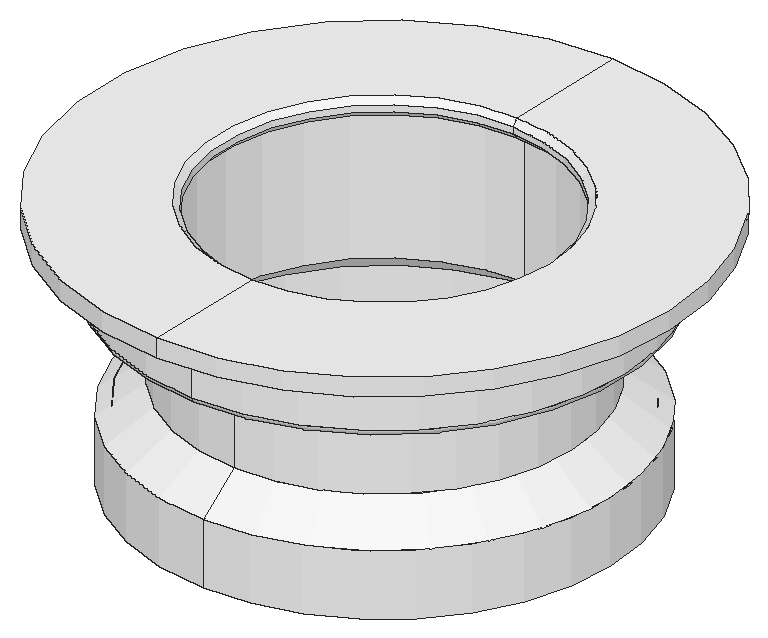
Revit family "A1 BODY", category Plumbing Fixtures, host Face, Revit 2018
Family settings
  Host = Face
  Round Connector Dimension = Use Radius
  Part Type = Normal
  Cut with Voids When Loaded = No
  Shared = No
  Room Calculation Point = No
Parameters (values of type "A1 BODY-Ø6"")
  WFU = 0
  URL = "WWW.MIFAB.COM"
  Pipe Radius = Pipe Diameter / 2  # 0' - 3"
  Pipe Diameter = 0' - 6"
  Model = "A1 BODY"
  Manufacturer = "MIFAB"
  Floor Drain Material = Paint - Sherwin Williams Paint - #952C2A - Bellwood Red
  Description = "The A1 Body"
  Default Elevation = 0' - 0"
  CWFU = 0
  BODY HEIGHT = 0' - 3 1/2"
  Assembly Code = ""
  ADJUSTMENT = 0' - 2.62612"
Types (6): name | Pipe Radius | Pipe Diameter | BODY HEIGHT
  (no name) | 0' - 3" | 0' - 6" | 0' - 3 1/2"
  A1 BODY-Ø3" | 0' - 1 1/2" | 0' - 3" | 0' - 3"
  A1 BODY-Ø2" | 0' - 1" | 0' - 2" | 0' - 3"
  A1 BODY-Ø4" | 0' - 2" | 0' - 4" | 0' - 3"
  A1 BODY-Ø5" | 0' - 2 1/2" | 0' - 5" | 0' - 3"
  A1 BODY-Ø6" | 0' - 3" | 0' - 6" | 0' - 3 1/2"
Reference planes (in)
  plane 1 "Center (Front/Back)": y = 0
  plane 2: z = 0
  plane 3 "Center (Left/Right)": x = 0
  plane 4: y = -3
  plane 5: y = 3
  plane 6: y = -3.18
  plane 7: y = -2.445
  plane 8: z = -0.37388
  plane 9: z = 0
  plane 10: z = -0.25
  plane 11: z = -3.5
  plane 12: x = -4
  plane 13: x = 4
  plane 14: y = 4
  plane 15: y = -4
  plane 16: y = 2.625
  plane 17: y = -2.625
  plane 18: y = -3.375
  plane 19: y = 3.375
Forms (in)
  Revolve 1, solid, material "Paint - Sherwin Williams Paint - #952C2A - Bellwood Red" <- "Floor Drain Material"
    sketch origin (0, -109.78025, 5.25224) x (0, 1, 0) y (0, 0, 1)
      loop
        line (107.53525, -5.33224) -> (107.45525, -5.25224) -> (105.78025, -5.25224) -> (105.78025, -5.50224) -> (106.40525, -5.50224) -> (106.40525, -6.27136)
        arc (106.40525, -6.27136) -> (106.43153, -6.33481) -> (106.49498, -6.36109) r 0.08973
        line (106.49498, -6.36109) -> (107.15525, -6.36109) -> (107.15525, -7.49017) -> (106.60025, -7.89353) -> (106.60025, -8.75224) -> (106.78025, -8.75224) -> (106.78025, -7.77498) -> (107.33525, -7.37163) -> (107.33525, -5.50224) -> (107.45525, -5.50224) -> (107.53525, -5.42224) -> (107.53525, -5.33224)
      axis (109.78025, -8.75224) -> (109.78025, -5.25224)
    angle from 0 to 360
Lines and regions (in)
  model lines, not visible
    curve 1: line (0, -5.81157, 5.00063) -> (0, -5.81157, 6.00063)
    curve 2: line (0, -5.81157, 6.00063) -> (0, -12.56157, 6.00063)
    curve 3: line (0, -12.56157, 6.00063) -> (0, -12.56157, 5.00063)
    curve 4: line (0, -9.18657, 6.00063) -> (0, -9.18657, 6.75063)
    curve 5: line (0, -7.125, 4.04796) -> (0, -7.125, 5.29796)
    curve 6: line (0, -7.125, 5.29796) -> (0, -12.375, 5.29796)
    curve 7: line (0, -12.375, 5.29796) -> (0, -12.375, 4.04796)
    curve 8: line (0, -9.75, 5.29796) -> (0, -9.75, 5.79796)
Dimensions and locks (in)
  equal spacing: plane 5, plane 1 "Center (Front/Back)", plane 4
  "Pipe Diameter": plane 5 to plane 4
  plane 1 "Center (Front/Back)" to plane 4 = 0' - 3"
  locked: plane 9 to plane 10 at 0.25
  locked: plane 10 to plane 8 at 0.12388
  "BODY HEIGHT": plane 9 to plane 11
  equal spacing: plane 12, plane 3 "Center (Left/Right)", plane 13
  plane 12 to plane 13 = 0' - 8"
  equal spacing: plane 15, plane 1 "Center (Front/Back)", plane 14
  plane 15 to plane 14 = 0' - 8"
  equal spacing: plane 16, plane 1 "Center (Front/Back)", plane 17
  plane 16 to plane 17 = 0' - 5 1/4"
  locked: plane 7 to plane 17 at 0.18
  plane 19 to plane 18 = 0' - 6 3/4"
  equal spacing: plane 19, plane 1 "Center (Front/Back)", plane 18
  locked: plane 4 to plane 6 at 0.18
  aligned and locked: plane 2 to host face
  aligned and locked: level to host face
  aligned and locked: Revolve 1 sketch curve to plane 4
  aligned and locked: plane 6 to Revolve 1 sketch curve
  aligned and locked: plane 7 to Revolve 1 sketch curve
  aligned and locked: Revolve 1 sketch curve to plane 9
  aligned and locked: plane 10 to Revolve 1 sketch curve
  aligned and locked: level to plane 9
  aligned and locked: plane 11 to Revolve 1 sketch curve
  aligned and locked: plane 17 to Revolve 1 sketch curve
Automatic sketch dimensions
  host sketch curve to host sketch curve = 8' - 0"  (x2)
  Revolve 1 sketch curve to plane 15 = 0' - 0"
  Revolve 1 sketch curve to plane 18 = 0' - 0"
  Revolve 1 sketch curve to plane 10 = 0' - 0"
  Revolve 1 sketch curve to plane 1 "Center (Front/Back)" = 0' - 0"
  Revolve 1 sketch curve to Revolve 1 sketch curve = 0' - 0.08973"
  Revolve 1 sketch curve to plane 7 = 0' - 0.12"  (x2)
  plane 10 to Revolve 1 sketch curve = 0' - 0.08"
  Revolve 1 sketch curve to Revolve 1 sketch curve = 0' - 0.08"
  Revolve 1 sketch curve to Revolve 1 sketch curve = 0' - 0.85871"
  Revolve 1 sketch curve to Revolve 1 sketch curve = 0' - 0.11854"  (x2)
  Revolve 1 sketch curve to Revolve 1 sketch curve = 0' - 0.40335"
  Revolve 1 sketch curve to plane 8 = 0' - 0.73497"
  Revolve 1 sketch curve to level = 0' - 0.08"
  Revolve 1 sketch curve to plane 11 = 0' - 6.68976"
  Revolve 1 sketch curve to Revolve 1 sketch curve = 0' - 1.64678"
Connectors (in)
  piping at (0, 0, -3.5), diameter 6, driven by "Pipe Radius"
    settings: on Revolve 1, index 2, connector inside diameter 24", connector length 0' - 0", flow factor 0, pipe flow 0 GPM, pressure drop 0.00 psi, fitting loss kfactor 0, connector angle 0.00°, fixture units 0, engagement length 0' - 0", angle of deflection 0.00°, flow configuration 0, flow direction 0, fitting loss method 0, system type 7, joint type 0, gender type 0, connector reference index -1, connector utility 0, adjustable connector no, is connector primary yes, connector description ""
